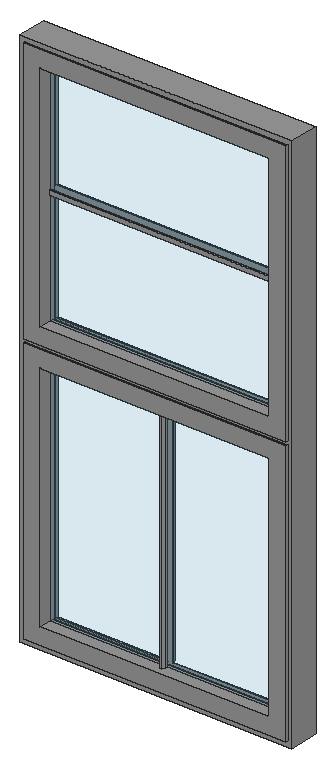
Revit family "Kawneer_Window_GT70s_Pos0081", category Windows, host Wall, Revit 2020 (continued)
Definition of nested family "Kawneer_GT70s_Pos008"
  Definition of nested family "Kawneer_GT70s_Trans8"
    Lines and regions (mm)
      model lines, in view "Ref. Level", detail levels fine
        curve 2259: line (-69.02, -31.887, 0) -> (-67.304, -33.752, 0)
        curve 2260: line (-68.381, -30.276, 0) -> (-63.925, -35.119, 0)
        curve 2261: line (-62.833, -31.694, 0) -> (-58.1, -36.839, 0)
  Definition of nested family "Kawneer_GT70s_Bead"
    Parameters (values of type "Jamb Open")
      Open [instance] = yes
    Reference planes
      plane 1 "Center (Front/Back)": y = 0
      plane 2: z = 0
      plane 3 "Center (Left/Right)": x = 0
    Lines and regions (mm)
      detail lines, in view "Ref. Level", detail levels fine
        curve 1: arc (-7.5, -2.7, 0) -> (-7.354, -2.346, 0) -> (-7, -2.2, 0) r 0.5
        curve 2: arc (7, -2.2, 0) -> (7.354, -2.346, 0) -> (7.5, -2.7, 0) r 0.5
        curve 3: arc (7.5, -5.804, 0) -> (7.483, -5.933, 0) -> (7.433, -6.054, 0) r 0.5
        curve 4: arc (3.278, -13.25, 0) -> (3.095, -13.433, 0) -> (2.845, -13.5, 0) r 0.5
        curve 5: arc (-2.845, -13.5, 0) -> (-3.095, -13.433, 0) -> (-3.278, -13.25, 0) r 0.5
        curve 6: arc (-7.433, -6.054, 0) -> (-7.483, -5.933, 0) -> (-7.5, -5.804, 0) r 0.5
        curve 7: arc (-8, -0.5, 0) -> (-8.146, -0.146, 0) -> (-8.5, 0, 0) r 0.5
        curve 8: arc (-8.5, 0, 0) -> (-8.854, -0.146, 0) -> (-9, -0.5, 0) r 0.5
        curve 9: arc (-9, -6.206, 0) -> (-8.983, -6.335, 0) -> (-8.933, -6.456, 0) r 0.5
        curve 10: arc (-4.144, -14.75, 0) -> (-3.961, -14.933, 0) -> (-3.711, -15, 0) r 0.5
        curve 11: arc (3.711, -15, 0) -> (3.961, -14.933, 0) -> (4.144, -14.75, 0) r 0.5
        curve 12: arc (8.933, -6.456, 0) -> (8.983, -6.335, 0) -> (9, -6.206, 0) r 0.5
        curve 13: arc (9, -0.5, 0) -> (8.854, -0.146, 0) -> (8.5, 0, 0) r 0.5
        curve 14: arc (8.5, 0, 0) -> (8.146, -0.146, 0) -> (8, -0.5, 0) r 0.5
        curve 15: arc (8, -0.5, 0) -> (7.941, -0.641, 0) -> (7.8, -0.7, 0) r 0.2
        curve 16: line (0.015, 0, 0) -> (-1.136, -1, 0)
        curve 17: line (-1.136, -1, 0) -> (-2.107, 0, 0)
        curve 18: line (-2.107, 0, 0) -> (-3.257, -1, 0)
        curve 19: line (-3.257, -1, 0) -> (-4.228, 0, 0)
        curve 20: line (-4.228, 0, 0) -> (-5.379, -1, 0)
        curve 21: line (-5.379, -1, 0) -> (-6.349, 0, 0)
        curve 22: line (-6.349, 0, 0) -> (-7.5, -1, 0)
        curve 23: line (-7.5, -1, 0) -> (7.5, -1, 0)
        curve 24: line (7.5, -1, 0) -> (7.5, 0, 0)
        curve 25: line (7.5, 0, 0) -> (-7.5, 0, 0)
        curve 26: line (-7.5, 0, 0) -> (-7.5, -1, 0)
        curve 27: line (-7.5, -1, 0) -> (-7.5, 0, 0)
        curve 28: line (-7.5, 0, 0) -> (7.5, 0, 0)
        curve 29: line (7.5, 0, 0) -> (7.5, -1, 0)
        curve 30: line (7.5, -1, 0) -> (-7.5, -1, 0)
        curve 31: line (-6.349, 0, 0) -> (-5.379, -1, 0)
        curve 32: line (-5.379, -1, 0) -> (-4.228, 0, 0)
        curve 33: line (-4.228, 0, 0) -> (-3.257, -1, 0)
        curve 34: line (-3.257, -1, 0) -> (-2.107, 0, 0)
        curve 35: line (4.257, 0, 0) -> (5.228, -1, 0)
        curve 36: line (5.228, -1, 0) -> (6.379, 0, 0)
        curve 37: line (6.379, 0, 0) -> (5.228, -1, 0)
        curve 38: line (5.228, -1, 0) -> (4.257, 0, 0)
        curve 39: line (4.257, 0, 0) -> (3.107, -1, 0)
        curve 40: line (3.107, -1, 0) -> (2.136, 0, 0)
        curve 41: line (2.136, 0, 0) -> (3.107, -1, 0)
        curve 42: line (3.107, -1, 0) -> (4.257, 0, 0)
        curve 43: line (4.257, 0, 0) -> (5.228, -1, 0)
        curve 44: line (5.228, -1, 0) -> (6.379, 0, 0)
        curve 45: line (-7.5, 0, 0) -> (7.5, 0, 0)
        curve 46: line (7.5, 0, 0) -> (7.5, -1, 0)
        curve 47: line (7.507, -0.993, 0) -> (6.379, 0, 0)
        curve 48: line (0.015, 0, 0) -> (0.985, -1, 0)
        curve 49: line (2.136, 0, 0) -> (0.985, -1, 0)
        curve 50: line (0.985, -1, 0) -> (0.015, 0, 0)
        curve 51: line (0.015, 0, 0) -> (-1.136, -1, 0)
        curve 52: line (-1.136, -1, 0) -> (-2.107, 0, 0)
        curve 53: line (-2.107, 0, 0) -> (-1.136, -1, 0)
        curve 54: line (-1.136, -1, 0) -> (0.015, 0, 0)
        curve 55: line (0.015, 0, 0) -> (0.985, -1, 0)
        curve 56: line (0.985, -1, 0) -> (2.136, 0, 0)
        curve 57: line (2.136, 0, 0) -> (3.107, -1, 0)
        curve 58: line (3.107, -1, 0) -> (4.257, 0, 0)
        curve 59: line (-4.228, 0, 0) -> (-3.257, -1, 0)
        curve 60: line (5.379, 0, 0) -> (6.379, -1, 0)
        curve 61: line (3.257, 0, 0) -> (4.257, -1, 0)
        curve 62: line (1.136, 0, 0) -> (2.136, -1, 0)
        curve 63: line (-0.985, 0, 0) -> (0.015, -1, 0)
        curve 64: line (-3.107, 0, 0) -> (-2.107, -1, 0)
        curve 65: line (-5.228, 0, 0) -> (-4.228, -1, 0)
        curve 66: line (-4.228, 0, 0) -> (-5.379, -1, 0)
        curve 67: line (-5.379, -1, 0) -> (-6.349, 0, 0)
        curve 68: line (-6.349, 0, 0) -> (-7.5, -1, 0)
        curve 69: line (-7.349, 0, 0) -> (-6.349, -1, 0)
        curve 70: line (-7.5, 0, 0) -> (7.5, 0, 0)
        curve 71: line (7.5, 0, 0) -> (7.5, -1, 0)
        curve 72: line (7.5, -1, 0) -> (-7.5, -1, 0)
        curve 73: line (-7.5, 0, 0) -> (7.5, 0, 0)
        curve 74: line (7.5, 0, 0) -> (7.5, -1, 0)
        curve 75: line (7.5, -1, 0) -> (-7.5, -1, 0)
        curve 76: line (-7.5, -5.804, 0) -> (-7.5, -2.7, 0)
        curve 77: line (-7, -2.2, 0) -> (0, -2.2, 0)
        curve 78: line (0, -2.2, 0) -> (7, -2.2, 0)
        curve 79: line (7.5, -2.7, 0) -> (7.5, -5.804, 0)
        curve 80: line (7.433, -6.054, 0) -> (3.278, -13.25, 0)
        curve 81: line (2.845, -13.5, 0) -> (0, -13.5, 0)
        curve 82: line (0, -13.5, 0) -> (-2.845, -13.5, 0)
        curve 83: line (-3.278, -13.25, 0) -> (-7.433, -6.054, 0)
        curve 84: line (-9, -0.5, 0) -> (-9, -6.206, 0)
        curve 85: line (-8.933, -6.456, 0) -> (-4.144, -14.75, 0)
        curve 86: line (-3.711, -15, 0) -> (3.711, -15, 0)
        curve 87: line (4.144, -14.75, 0) -> (8.933, -6.456, 0)
        curve 88: line (9, -6.206, 0) -> (9, -0.5, 0)
        curve 89: line (7.8, -0.7, 0) -> (-7.8, -0.7, 0)
        curve 90: arc (-8, -0.5, 0) -> (-7.941, -0.641, 0) -> (-7.8, -0.7, 0) r 0.2
      detail lines, in view "Ref. Level", detail levels coarse+medium
        curve 91: line (-9, 0, 0) -> (-9, -6.34, 0)
        curve 92: line (-9, -6.34, 0) -> (-4, -15, 0)
        curve 93: line (-4, -15, 0) -> (4, -15, 0)
        curve 94: line (4, -15, 0) -> (9, -6.34, 0)
        curve 95: line (9, -6.34, 0) -> (9, 0, 0)
        curve 96: line (9, 0, 0) -> (-9, 0, 0)
